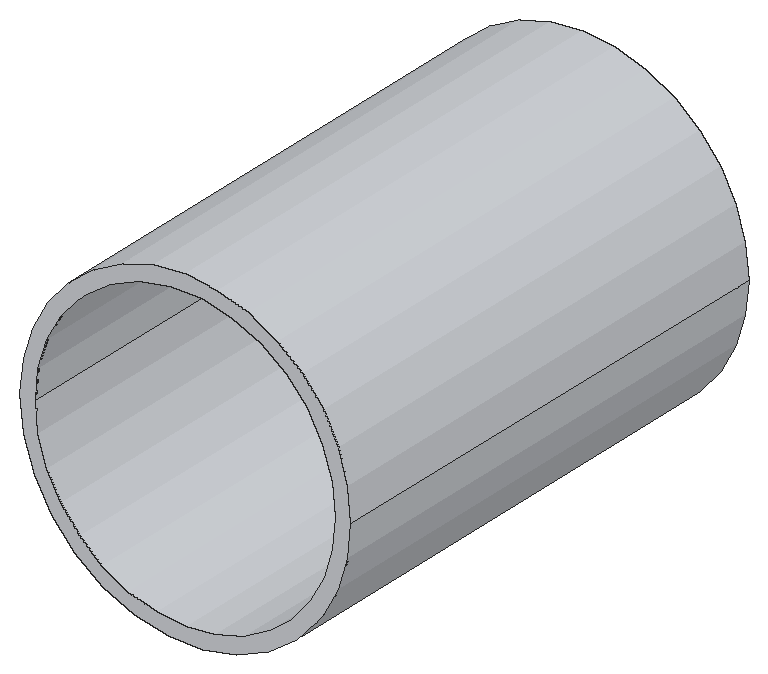
Revit family "CL20GA", category Generic Models, Revit 2017
Family settings
  Can host rebar = No
  Round Connector Dimension = Use Diameter
  Part Type = Normal
  Work Plane-Based = Yes
  Always vertical = No
  Cut with Voids When Loaded = No
  Shared = No
  Room Calculation Point = No
Parameters (values of type "NBS Standard Parameters")
  Weight = "0.0247Kg"
  WarrantyStartDate [instance] = "1900-12-31T23:59:59"
  WarrantyGuarantorParts = "n/a"
  WarrantyGuarantorLabor = "n/a"
  WarrantyDurationUnit = "1 year"
  WarrantyDurationParts = "n/a"
  WarrantyDurationLabor = "n/a"
  WarrantyDescription = "n/a"
  Version = "1"
  Uniclass2 = "Pr_65_70_11_20"
  TagNumber [instance] = "n/a"
  SustainabilityPerformance = "n/a"
  Size = "20mm"
  Shape = "Circular"
  SerialNumber [instance] = "n/a"
  Revision = "n/a"
  ReplacementCost = "n/a"
  ProductInformation = ""
  NominalWidth = 22 mm
  NominalLength = 22 mm
  NominalHeight = 33 mm
  Name = ""
  NBSTypeID = ""
  NBSReference = "90-55-10/460"
  NBSOfficeMasterTag = ""
  NBSNote = ""
  NBSDescription = "Conduit Fittings"
  NBSCertification = ""
  ModelReference = "CL20GA"
  ModelNumber = "n/a"
  Material = "Steel"
  ManufacturerURL = "www.metpro.co..uk"
  ManufacturerName = "Metpro Ltd"
  InstallationDate [instance] = "1900-12-31T23:59:59"
  IfcExportType = ""
  IfcExportAs = ""
  Grade = "n/a"
  Finish = "Galvanised"
  Features = "n/a"
  ExpectedLife = "n/a"
  DurationUnit = "year"
  Description = "CL20GA - 20mm Conduit Solid Coupler-Conlok"
  Default Elevation = 1219.2 mm
  Constituents = "n/a"
  Color = "n/a"
  CodePerformance = "n/a"
  Category = "n/a"
  BarCode [instance] = "n/a"
  BIMObjectName = "Metpro_metprolibrary_conduitfittings_metalcomponents_steelaccessories"
  Author = "Metpro Ltd"
  AssetType = ""
  AssetIdentifier [instance] = "n/a"
  AccessibilityPerformance = "n/a"
Reference planes
  plane 1 "Center (Front/Back)": y = 0
  plane 2: z = 0
  plane 3 "Center (Left/Right)": x = 0
Forms (mm)
  Extrusion 1, solid
    sketch origin (221, -7.414, 25.952) x (-1, 0, 0) y (0, 0, 1)
      loop
        circle (210, 20) r 10
      loop
        circle (210, 20) r 11
    from 0 to 33
Dimensions and locks
  aligned and locked: level to plane 2
